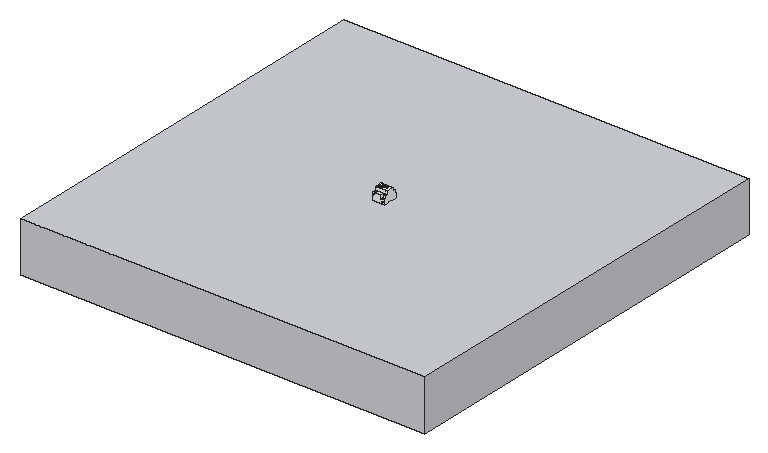
Revit family "Gira_543500", category Elektroinstallationen, Revit 2017
Family settings
  Basisbauteil = Fläche
  Beschriftungsausrichtung beibehalten = Nein
  Bemaßung runder Anschluss = Durchmesser verwenden
  Teiletyp = Normal
  Beim Laden mit Abzugskörper schneiden = Nein
  Gemeinsam genutzt = Nein
  Raumberechnungspunkt = Nein
Parameters (values of type "Funk Schalt-/Tastakt. 8f/Jal.akt. 4f REG Gira eNet")
  Zusammenstellung = ""
  Zulassung nach PTB = no
  Default Elevation = 1219.2 mm
  Vor Ort-/Handbedienung = no
  Verschiedene Phasen anschließbar = no
  Ventilschutzfunktion = no
  URL = "https://www.gira.de/"
  Typname = "Funk Schalt-/Tastakt. 8f/Jal.akt. 4f REG Gira eNet"
  Type Comments = ""
  Tarifumschaltung = no
  Stromart = "AC"
  Stellgröße stetig = no
  Stellgröße schaltend = no
  Schutzart (IP) = "IP20"
  Schaltstrom ohmsch = 16 A
  S0 Impulsschnittstelle = ""
  Produktseite = "https://media.stage.bim.site/t/eyJhbGciOiJIUzI1NiIsInR5cCI6IkpXVCJ9.eyJjdCI6MiwidHUiOiJodHRwOi8va2F0YWxvZy5naXJhLmRlL2RlX0RFL2RhdGVuYmxhdHQuaHRtbD9hcnRpa2VsbnI9NTQzNTAwIiwiY2lkIjoiMzI3N2NjMjMtODFhOS00ZWUzLWE5MGEtYjQ3YmI0YzBiNjE2IiwicmlkIjoiODVkZmVmNDlmODk3YTY2MmIwZjJmZmZjYzM5MTE5M2YiLCJwaWQiOiI1YzMyNDk4YjBiZGY1YjU1ZTc5MjJjYjIwMWY1ZjNhMTdlZWNlMTJjIiwic2lkIjoiNjM0NzAiLCJ1dCI6MSwibGMiOiJkZSIsImlhdCI6MTYwMDkzNzQ3NSwiaXNzIjoiaHR0cHM6Ly9hcGkubGl2ZS5iaW0uc2l0ZSIsInN1YiI6ImFkbWluQGJpbXNpdGUuZGV2In0.uw7KXd_OVCUIRh5MrQQVvNNOhQsub-_v4Gv4IrHpnYA"
  Montageart = "REG"
  Modulare Erweiterungsmöglichkeit = no
  Model = ""
  Mit LED-Anzeige = no
  Mit Busankopplung = no
  Max. Schaltstrom = 0 A
  Max. Schaltleistung [Voltampere] = 2300
  Max. Ausgangsstrom = 0 A
  Max. Anzahl der Schaltausgänge = 0
  Max. Anzahl der Jalousieausgänge = 4
  LED ansteuern = no
  Kosten = 0
  Hersteller = "Gira"
  HeinzeBIM = "https://www.heinze.de/bim/funk-schalt-tastakt-8f-jal-akt-4f-reg-gira-enet/5c32498b0bdf5b55e7922cb201f5f3a17eece12c"
  Handschaltung = no
  HAN = "543500"
  Geeignet für C-Last = no
  GTIN = "4010337774280"
  Funktion Schalten = yes
  Datenblatt 1 = "https://media.stage.bim.site/t/eyJhbGciOiJIUzI1NiIsInR5cCI6IkpXVCJ9.eyJjdCI6MSwidGYiOiJwdWJsaWMvZ2lyYS9hZThjNTU3LzU0MzUwMC50eHQiLCJjaWQiOiIzMjc3Y2MyMy04MWE5LTRlZTMtYTkwYS1iNDdiYjRjMGI2MTYiLCJyaWQiOiI4NWRmZWY0OWY4OTdhNjYyYjBmMmZmZmNjMzkxMTkzZiIsInBpZCI6IjVjMzI0OThiMGJkZjViNTVlNzkyMmNiMjAxZjVmM2ExN2VlY2UxMmMiLCJzaWQiOiI2MzQ3MCIsInV0IjoxLCJsYyI6ImRlIiwiaWF0IjoxNjAwOTM3NDc1LCJpc3MiOiJodHRwczovL2FwaS5saXZlLmJpbS5zaXRlIiwic3ViIjoiYWRtaW5AYmltc2l0ZS5kZXYifQ.s-eOpfMZJkZWfL-VcbMTD9VvsFzZKNP0du2w1-tYE18/543500.txt"
  Datenblatt = "https://media.stage.bim.site/t/eyJhbGciOiJIUzI1NiIsInR5cCI6IkpXVCJ9.eyJjdCI6MSwidHUiOiJodHRwczovL2thdGFsb2cuZ2lyYS5kZS9kZV9ERS9kb3dubG9hZC5odG1sP2FydGlrZWxucj01NDM1MDAiLCJjaWQiOiIzMjc3Y2MyMy04MWE5LTRlZTMtYTkwYS1iNDdiYjRjMGI2MTYiLCJyaWQiOiI4NWRmZWY0OWY4OTdhNjYyYjBmMmZmZmNjMzkxMTkzZiIsInBpZCI6IjVjMzI0OThiMGJkZjViNTVlNzkyMmNiMjAxZjVmM2ExN2VlY2UxMmMiLCJzaWQiOiI2MzQ3MCIsInV0IjoxLCJsYyI6ImRlIiwiaWF0IjoxNjAwOTM3NDc1LCJpc3MiOiJodHRwczovL2FwaS5saXZlLmJpbS5zaXRlIiwic3ViIjoiYWRtaW5AYmltc2l0ZS5kZXYifQ.ghByBE-1m1IJ8zNmUf4wpqL4MktttdpnJP2VUGKptWE"
  Bussystem Powernet = no
  Bussystem LON = no
  Bussystem KNX-Funk = no
  Bussystem KNX = no
  Bussystem Funkbus = yes
  Busspannung pufferbar = no
  Busfähig = ""
  Breite in Teilungseinheiten = 4
  Blindleistung = no
  Beschreibung = "eNet Funk Schalt- bzw. Tastaktor 8fach   Jalousieaktor 4fach  REG Merkmale: Mit eNet Server einstellbar::  Vollverschlüsselte Funkübertragung (AES-CCM) ab eNet Server Software Version 2.0.  Bediensperren.  Update der Gerätesoftware.  Der eNet Funk Schalt-bzw. Tast- oder Jalousieaktor empfängt über eine Datenleitung vom eNet Funk Empfangsmodul oder eNet Server Telegramme zum Schalten von Beleuchtungen oder zur Steuerung elektrisch betriebener Behänge.  Es werden jeweils zwei Ausgänge in der gleichen Betriebsart (Schalten, Tasten, Jalousie oder Rolllade) betrieben.  Schalten von Beleuchtung oder einphasigen Lüftermotoren.  Steuern elektrisch betriebener Behänge, wie z. B. Jalousien, Rollläden oder Markisen.  Betriebsarten: Schaltaktor, Tastaktor pro Ausgang oder Jalousieaktor, Rollladenaktor für paarweise Ausgänge einstellbar.  Statusrückmeldung an eNet Funksender.  Szenenbetrieb.  Betriebsart Tasten: Relaiskontakt bleibt so lange geschlossen wie Telegramme empfangen werden (max. 60 Sekunden).  Positionierung von Jalousie und Lamelle über Szenenaufruf.  Positionen für Sonnenschutz und Dämmerung speicherbar.  Schwellwertszenen für Sonnenschutz, Dämmerung und Windalarm.  Behanglaufzeit speicherbar.  Lamellenumsteuerzeit speicherbar. Mit eNet Server einstellbar::  Blinkfunktion.  Nachlaufzeit.  Ein- bzw. Ausschaltverzögerung.  Abschaltvorwarnung.  Minimale Schaltwiederholzeit.  Dauer-Ein, Dauer-Aus.  Umsteuerzeit bei Richtungswechsel.  Laufrichtung invertierbar (z. B. für Dachfenster).  Position bei Sonnenschutz, Dämmerung, Aussperrschutz und Windalarm.  Hinweise :  Zum Betrieb dieses Reiheneinbaugeräts wird ein eNet Funk Empfangsmodul oder ein eNet Server benötigt."
  Assembly Code = ""
  Keynote = ""
  BIMSITE_PRODUCT_ID = "5c32498b0bdf5b55e7922cb201f5f3a17eece12c"
  BIM = "https://media.stage.bim.site/t/eyJhbGciOiJIUzI1NiIsInR5cCI6IkpXVCJ9.eyJjdCI6MSwidGYiOiJwdWJsaWMvZ2lyYS9hZThjNTU3L1JFRyA4Zi5yZmEiLCJjaWQiOiIzMjc3Y2MyMy04MWE5LTRlZTMtYTkwYS1iNDdiYjRjMGI2MTYiLCJyaWQiOiI4NWRmZWY0OWY4OTdhNjYyYjBmMmZmZmNjMzkxMTkzZiIsInBpZCI6IjVjMzI0OThiMGJkZjViNTVlNzkyMmNiMjAxZjVmM2ExN2VlY2UxMmMiLCJzaWQiOiI2MzQ3MCIsInV0Ijo1LCJsYyI6ImRlIiwiaWF0IjoxNjAwOTM3NDc1LCJpc3MiOiJodHRwczovL2FwaS5saXZlLmJpbS5zaXRlIiwic3ViIjoiYWRtaW5AYmltc2l0ZS5kZXYifQ.sTRJvU8b5AQFdXuz-NfkIAYpPxtjAjeLn3walBoZClA/REG 8f.rfa"
  Ausgangsstrom [Ampere] = ""
  Ausgangsspannung [Volt] = ""
  Ausführung Text = ""
  Art der Spannungsversorgung = ""
  Anzahl der binären Eingänge = 0
  Anzahl der Eingänge = 3
  Anzahl der Ausgänge = 0
  Anschlussart = ""
  Andere Bussysteme = "eNet"
Reference planes
  plane 1 "Center (Front/Back)": y = 0
  plane 2: z = 0
  plane 3 "Center (Left/Right)": x = 0
Forms (mm)
  Extrusion 1, solid
    sketch origin (0, 0, 0) x (1, 0, 0) y (0, 1, 0)
      loop
        line (-1219.2, 1219.2) -> (-1219.2, -1219.2) -> (1219.2, -1219.2) -> (1219.2, 1219.2) -> (-1219.2, 1219.2)
    from 0 to -304.8
  Extrusion 2, solid, material "White", detail levels fine
    sketch origin (0, 0, 0) x (0, 1, 0) y (0, 0, 1)
      loop
        line (45.125, -2.619) -> (45.125, 24.95) -> (33.875, 24.95) -> (33.875, 43.8) -> (22.575, 43.8) -> (22.575, 62.05)
        arc (22.575, 62.05) -> (22.311, 62.686) -> (21.675, 62.95) r 0.9
        line (21.675, 62.95) -> (-21.175, 62.95)
        arc (-21.175, 62.95) -> (-21.785, 62.758) -> (-22.175, 62.25) r 1.064
        line (-22.175, 62.25) -> (-22.175, 43.8) -> (-44.725, 43.8) -> (-44.725, -2.619)
        arc (-44.725, -2.619) -> (-31.081, -5.433) -> (-17.243, -7.049) r 160
        line (-17.243, -7.049) -> (-13.165, -1.734) -> (-16.399, -0.807) -> (-16.399, 0) -> (17.8, 0) -> (17.8, -1.4) -> (16.8, -1.4) -> (14.749, -4.952)
        arc (14.749, -4.952) -> (18.64, -6.184) -> (22.7, -6.6) r 20
        arc (22.7, -6.6) -> (33.983, -5.009) -> (45.125, -2.619) r 160
    from -36 to 36
  Extrusion 3, void, detail levels fine
    sketch origin (0, 0, 0) x (1, 0, 0) y (0, 1, 0)
      loop
        circle (30, 26.925) r 2.55
      loop
        circle (21.75, 26.925) r 2.55
      loop
        circle (12.75, 26.925) r 2.55
      loop
        circle (4.5, 26.925) r 2.55
      loop
        circle (-4.5, 26.925) r 2.55
      loop
        circle (-12.75, 26.925) r 2.55
      loop
        circle (-21.75, 26.925) r 2.55
      loop
        circle (-30, 26.925) r 2.55
    from 37.936 to 43.8
  Extrusion 4, void, detail levels fine
    sketch origin (0, 11.25, -18.85) x (1, 0, 0) y (0, 1, 0)
      loop
        circle (30, 26.925) r 2.55
      loop
        circle (21.75, 26.925) r 2.55
      loop
        circle (12.75, 26.925) r 2.55
      loop
        circle (4.5, 26.925) r 2.55
      loop
        circle (-4.5, 26.925) r 2.55
      loop
        circle (-12.75, 26.925) r 2.55
      loop
        circle (-21.75, 26.925) r 2.55
      loop
        circle (-30, 26.925) r 2.55
    from 37.936 to 43.8
  Extrusion 5, void, detail levels fine
    sketch origin (0, 0, 0) x (1, 0, 0) y (0, 1, 0)
      loop
        circle (-13, -3.875) r 3
      loop
        circle (-23, -3.875) r 3
      loop
        circle (-23, -13.875) r 3
      loop
        circle (-13, -13.875) r 3
      loop
        circle (-29, -3.875) r 1.575
      loop
        circle (-29, -13.875) r 1.575
      loop
        circle (-7, -13.875) r 1.575
      loop
        circle (-15.4, 5.325) r 1.625
      loop
        circle (-11, 5.325) r 1.575
      loop
        circle (-6.6, 5.325) r 1.625
      loop
        circle (-2.2, 5.325) r 1.625
      loop
        circle (2.2, 5.325) r 1.625
      loop
        circle (6.6, 5.325) r 1.625
      loop
        circle (11, 5.325) r 1.575
      loop
        circle (15.4, 5.325) r 1.625
    from 58.253 to 62.95
  Extrusion 6, void, detail levels fine
    sketch origin (0, 0, 0) x (1, 0, 0) y (0, 1, 0)
      loop
        line (-32.175, -32.6) -> (-32.175, -34.9) -> (-31.24, -34.36) -> (-31.401, -37.165) -> (-32.175, -36.7) -> (-32.175, -44.875) -> (-20.175, -44.875) -> (-20.175, -37.33) -> (-19.075, -37.965) -> (-19.075, -33.635) -> (-20.175, -34.27) -> (-20.175, -32.6) -> (-32.175, -32.6)
    from 28.5 to 43.8
  Extrusion 7, solid, detail levels fine
    sketch origin (0, 0, 0) x (1, 0, 0) y (0, 1, 0)
      loop
        circle (-29.375, -36.2) r 0.5
      loop
        circle (-23.575, -36.2) r 0.5
    from 28.5 to 37.5
  Extrusion 8, void, detail levels fine
    sketch origin (0, 0, 0) x (1, 0, 0) y (0, 1, 0)
      loop
        line (15.289, -31.489) -> (15.289, -44.875) -> (36, -44.875) -> (36, -31.489) -> (15.289, -31.489)
    from 25 to 43.8
  Extrusion 9, void, detail levels fine
    sketch origin (0, 0, 0) x (1, 0, 0) y (0, 1, 0)
      loop
        circle (21.75, -37.925) r 2.55
      loop
        circle (30, -37.925) r 2.55
    from 19.086 to 24.95
  Extrusion 10, void, detail levels fine
    sketch origin (0, 0, 0) x (1, 0, 0) y (0, 0, 1)
      loop
        line (32.368, 26.75) -> (32.35, 28.865) -> (32.319, 32.45) -> (27.731, 32.45) -> (27.682, 26.75) -> (32.368, 26.75)
      loop
        line (24.118, 26.75) -> (24.1, 28.865) -> (24.069, 32.45) -> (19.481, 32.45) -> (19.432, 26.75) -> (24.118, 26.75)
      loop
        line (15.118, 26.75) -> (15.1, 28.865) -> (15.069, 32.45) -> (10.481, 32.45) -> (10.432, 26.75) -> (15.118, 26.75)
      loop
        line (6.868, 26.75) -> (6.85, 28.865) -> (6.819, 32.45) -> (2.231, 32.45) -> (2.182, 26.75) -> (6.868, 26.75)
      loop
        line (-2.182, 26.75) -> (-2.2, 28.865) -> (-2.231, 32.45) -> (-6.819, 32.45) -> (-6.868, 26.75) -> (-2.182, 26.75)
      loop
        line (-10.432, 26.75) -> (-10.45, 28.865) -> (-10.481, 32.45) -> (-15.069, 32.45) -> (-15.118, 26.75) -> (-10.432, 26.75)
      loop
        line (-19.35, 26.75) -> (-19.369, 28.865) -> (-19.4, 32.45) -> (-23.987, 32.45) -> (-24.037, 26.75) -> (-19.35, 26.75)
      loop
        line (-27.682, 26.75) -> (-27.7, 28.865) -> (-27.731, 32.45) -> (-32.319, 32.45) -> (-32.368, 26.75) -> (-27.682, 26.75)
    from -29.206 to -33.875
  Extrusion 11, void, detail levels fine
    sketch origin (0, 11.25, -19.567) x (1, 0, 0) y (0, 0, 1)
      loop
        line (32.368, 26.75) -> (32.35, 28.865) -> (32.319, 32.45) -> (27.731, 32.45) -> (27.682, 26.75) -> (32.368, 26.75)
      loop
        line (24.118, 26.75) -> (24.1, 28.865) -> (24.069, 32.45) -> (19.481, 32.45) -> (19.432, 26.75) -> (24.118, 26.75)
      loop
        line (15.118, 26.75) -> (15.1, 28.865) -> (15.069, 32.45) -> (10.481, 32.45) -> (10.432, 26.75) -> (15.118, 26.75)
      loop
        line (6.868, 26.75) -> (6.85, 28.865) -> (6.819, 32.45) -> (2.231, 32.45) -> (2.182, 26.75) -> (6.868, 26.75)
      loop
        line (-2.182, 26.75) -> (-2.2, 28.865) -> (-2.231, 32.45) -> (-6.819, 32.45) -> (-6.868, 26.75) -> (-2.182, 26.75)
      loop
        line (-10.432, 26.75) -> (-10.45, 28.865) -> (-10.481, 32.45) -> (-15.069, 32.45) -> (-15.118, 26.75) -> (-10.432, 26.75)
      loop
        line (-19.35, 26.75) -> (-19.369, 28.865) -> (-19.4, 32.45) -> (-23.987, 32.45) -> (-24.037, 26.75) -> (-19.35, 26.75)
      loop
        line (-27.682, 26.75) -> (-27.7, 28.865) -> (-27.731, 32.45) -> (-32.319, 32.45) -> (-32.368, 26.75) -> (-27.682, 26.75)
    from -29.206 to -33.875
  Extrusion 12, void, detail levels fine
    sketch origin (0, 0, 0) x (1, 0, 0) y (0, 0, 1)
      loop
        line (32.319, 12.883) -> (27.731, 12.883) -> (27.682, 7.183) -> (32.368, 7.183) -> (32.35, 9.298) -> (32.319, 12.883)
      loop
        line (24.069, 12.883) -> (19.481, 12.883) -> (19.432, 7.183) -> (24.118, 7.183) -> (24.1, 9.298) -> (24.069, 12.883)
    from 40.588 to 44.725
  Extrusion 13, solid, material "White", detail levels fine
    sketch origin (0, 0, 0) x (1, 0, 0) y (0, 1, 0)
      loop
        circle (-15.4, 5.325) r 1.625
      loop
        circle (-11, 5.325) r 1.575
      loop
        circle (-6.6, 5.325) r 1.625
      loop
        circle (-2.2, 5.325) r 1.625
      loop
        circle (2.2, 5.325) r 1.625
      loop
        circle (6.6, 5.325) r 1.625
      loop
        circle (11, 5.325) r 1.575
      loop
        circle (15.4, 5.325) r 1.625
      loop
        circle (-29, -3.875) r 1.575
      loop
        circle (-29, -13.875) r 1.575
      loop
        circle (-7, -13.875) r 1.575
    from 58.253 to 62.25
  Extrusion 14, solid, material "White", detail levels fine
    sketch origin (0, 0, 0) x (1, 0, 0) y (0, 1, 0)
      loop
        circle (-23, -3.875) r 3
      loop
        circle (-13, -3.875) r 3
      loop
        circle (-23, -13.875) r 3
      loop
        circle (-13, -13.875) r 3
    from 58.253 to 63.841
  Extrusion 15, solid, material "White", detail levels medium
    sketch origin (0, 0, 0) x (0, 1, 0) y (0, 0, 1)
      loop
        line (45.125, -7.049) -> (45.125, 24.95) -> (33.875, 24.95) -> (33.875, 43.8) -> (22.575, 43.8) -> (22.575, 63.841) -> (-22.175, 63.841) -> (-22.175, 43.8) -> (-44.725, 43.8) -> (-44.725, -7.049) -> (45.125, -7.049)
    from -36 to 36
  Extrusion 16, solid, material "White", detail levels coarse
    sketch origin (0, 0, 0) x (0, 1, 0) y (0, 0, 1)
      loop
        line (45.125, -7.049) -> (45.125, 63.841) -> (-44.725, 63.841) -> (-44.725, -7.049) -> (45.125, -7.049)
    from -36 to 36
Cuts and joins
  Extrusion 3, Extrusion 4, Extrusion 5, Extrusion 6, Extrusion 8, Extrusion 9, Extrusion 10, Extrusion 11, Extrusion 12 cuts Extrusion 2
Dimensions and locks
  aligned and locked: plane 2 to Extrusion 1
  aligned and locked: level to Extrusion 1
